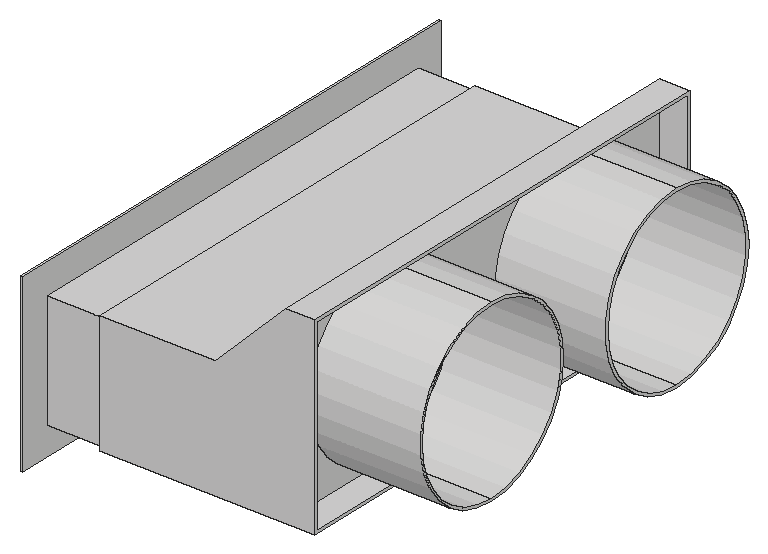
Revit family "CADS_AIRFLOWdev_AirflexPro_Round_StraightWallOutlet_Supply", category Duct Fittings, Revit 2015
Parameters (values of type "CADS_AIRFLOWdev_AirflexPro_Round_StraightWallOutlet_Supply")
  f2 [instance] = Flow - f1  # 0.0 L/s
  f1 [instance] = 0.0 L/s
  WorkingPressure = 3000.0 Pa
  WeeklyMaintenance = "N/A"
  WarrantyStartDate [instance] = "1900-12-31T23:59:163"
  WarrantyPeriod = "0"
  WarrantyIdentifier = "N/A"
  WarrantyGuarantorParts = "info@airflow.com"
  WarrantyGuarantorLabor = "info@airflow.com"
  WarrantyGuarantor = "Airflow Developments Ltd"
  WarrantyEndDate [instance] = "1900-12-31T23:59:163"
  WarrantyContent = "N/A"
  Uniclass2015 = "Pr_30_59_96_92:Ventilation ducts"
  URL = ""
  Type Comments = ""
  TemperatureRange = "up to 40°C"
  TagNumber [instance] = "N/A"
  SustainabilityPerformance = "N/A"
  Status = "New"
  Size = "220-260 x 210 x 88"
  ShippingWeight = 1.08 kg
  Shape = "Rectangular"
  ServiceLifeType = "EXPECTEDSERVICELIFE"
  ServiceLifeDuration = "10"
  SerialNumber [instance] = "N/A"
  SAPApproval = yes
  RunID [instance] = "0"  # constant formula
  ReplacementCost = "87.024"
  Reinforcement = "N/A"
  RedDotDesignAward = no
  QuarterlyMaintenance = "N/A"
  Quantity = 1
  ProductionYear = "2017"
  ProductLiterature = "https://www.airflow.com/pdf/Accessories.pdf#page=3"
  PointOfContact = "Airflow Developments Ltd"
  PassiveHouseApproval = no
  NominalWidth = 210 mm
  NominalLength = 260 mm
  NominalHeight = 88 mm
  NBSCode = "45-80-50/394 Ventilation ducts"
  MonthlyMaintenance = "N/A"
  ModelReference [instance] = "9041143"
  ModelLabel [instance] = "Straight wall-outlet 200 x 50mm For use with  9041175"
  Model = ""
  Material = "Steel"
  ManufacturerWebsite = "www.airflow.com"
  ManufacturerTelephone = "01494 525252"
  ManufacturerE-Mail = "info@airflow.com"
  ManufacturerAddress = "Aidelle House\nLancaster Road\nCressex Business Park\nHigh Wycombe\nBucks\nHP123QP"
  Manufacturer = "Airflow Developments Ltd"
  MaintenanceRequired8001to12000hrs = "N/A"
  MaintenanceRequired601to1000hrs = "N/A"
  MaintenanceRequired4001to8000hrs = "N/A"
  MaintenanceRequired301to600hrs = "N/A"
  MaintenanceRequired2001to4000hrs = "N/A"
  MaintenanceRequired1001to2000hrs = "N/A"
  MaintenanceRequired0to300hrs = "N/A"
  LongitudinalSeam = "None"
  Keynote = ""
  IsExtendedWarranty = no
  InstallationDate [instance] = "1900-12-31T23:59:163"
  ISO90001 = yes
  ISO140001 = yes
  GrossWeight = 0.90 kg
  Grade = "Stainless"
  GlobalTradeItemNumber [instance] = "5019009305776"
  Flow [instance] = 0.0 L/s
  Fitting Type = "Ignore"
  FireControlPanelLinks = no
  Finish = "Lacquer"
  Features = "Straight wall-outlet 200 x 50mm For use with  9041175"
  ExpectedServiceLife = 10
  Exclusions = "N/A"
  DurationUnit = "Year"
  DailyMaintenance = "N/A"
  Constituents = "Straight wall-outlet 200 x 50mm For use with  9041175"
  Color = "Silver"
  CodePerformance = "N/A"
  CEApproval = yes
  CADS_Index = 0
  BespokeTimeFrameMaintenance = "N/A"
  AssetType = "FIXED"
  AssetIdentifier [instance] = "N/A"
  AssemblyPlace = "UNKNOWN"
  ArticleNumber [instance] = "N/A"
  AnnualMaintenance = "N/A"
  AirflowRateRange = 18.0 L/s
  AdjustCheck [instance] = if(AdjustableLength > 100 mm, 100 mm, AdjustableLength)  # 25 mm
  AdjustableLength [instance] = 25 mm
  Body = CADS_AIRFLOWdev_SteelGalvanized
  AccessibilityPerformance = "N/A"
  6MonthlyMaintenance = "Visually inspect system, clean the fan and ducting if necessary"
Types (2, lengths in mm): name | RedDotDesignAward | PassiveHouseApproval | NominalWidth | NominalLength | NominalHeight | IsExtendedWarranty | FireControlPanelLinks
  (no name) | yes | yes | 0 | 0 | 0 | yes | yes
  CADS_AIRFLOWdev_AirflexPro_Round_StraightWallOutlet_Supply | no | no | 210 | 260 | 88 | no | no
Values of the unnamed type that differ from the named types
  WorkingPressure = 0.0 Pa
  WeeklyMaintenance = ""
  WarrantyStartDate = ""
  WarrantyPeriod = ""
  WarrantyIdentifier = ""
  WarrantyGuarantorParts = ""
  WarrantyGuarantorLabor = ""
  WarrantyGuarantor = ""
  WarrantyEndDate = ""
  WarrantyContent = ""
  Uniclass2015 = ""
  TemperatureRange = ""
  TagNumber = ""
  SustainabilityPerformance = ""
  Status = ""
  Size = ""
  ShippingWeight = 0.00 kg
  Shape = ""
  ServiceLifeType = ""
  ServiceLifeDuration = ""
  SerialNumber = ""
  ReplacementCost = ""
  Reinforcement = ""
  QuarterlyMaintenance = ""
  Quantity = 0
  ProductionYear = ""
  ProductLiterature = ""
  PointOfContact = ""
  NBSCode = ""
  MonthlyMaintenance = ""
  ModelReference = ""
  ModelLabel = ""
  Material = ""
  ManufacturerWebsite = ""
  ManufacturerTelephone = ""
  ManufacturerE-Mail = ""
  ManufacturerAddress = ""
  MaintenanceRequired8001to12000hrs = ""
  MaintenanceRequired601to1000hrs = ""
  MaintenanceRequired4001to8000hrs = ""
  MaintenanceRequired301to600hrs = ""
  MaintenanceRequired2001to4000hrs = ""
  MaintenanceRequired1001to2000hrs = ""
  MaintenanceRequired0to300hrs = ""
  LongitudinalSeam = ""
  InstallationDate = ""
  GrossWeight = 0.00 kg
  Grade = ""
  GlobalTradeItemNumber = ""
  Fitting Type = ""
  Finish = ""
  Features = ""
  ExpectedServiceLife = 0
  Exclusions = ""
  DurationUnit = ""
  DailyMaintenance = ""
  Constituents = ""
  Color = ""
  CodePerformance = ""
  BespokeTimeFrameMaintenance = ""
  AssetType = ""
  AssetIdentifier = ""
  AssemblyPlace = ""
  ArticleNumber = ""
  AnnualMaintenance = ""
  AirflowRateRange = 0.0 L/s
  AccessibilityPerformance = ""
  6MonthlyMaintenance = ""
Reference planes
  plane 1 "Center (Front/Back)": y = 0
  plane 2: z = 0
  plane 3 "Center (Left/Right)": x = 1.5
  plane 4: x = 76.5
  plane 5: x = 26.5
  plane 6: x = 106.5
  plane 7: x = 119.2
  plane 8: z = 56.87
  plane 9: z = -26
  plane 10: z = 26
Forms (mm)
  Sweep 1, solid, material "CADS_AIRFLOWdev_SteelGalvanized" <- "Body"
    path origin (1.5, 0, 0) x (0, -1, 0) y (0, 0, -1)
      loop
        line (-100, -25) -> (100, -25) -> (100, 25) -> (-100, 25) -> (-100, -25)
    profile origin (1.5, 0, 25) x (0, 0, -1) y (1, 0, 0)
      loop
        line (-12.7, 0) -> (1, 0) -> (1, 75) -> (0, 75) -> (0, 1.082) -> (-12.7, 1.082) -> (-12.7, 0)
  Extrusion 2, solid, material "CADS_AIRFLOWdev_SteelGalvanized" <- "Body"
    sketch origin (0, 0, 0) x (1, 0, 0) y (0, 0, 1)
      loop
        line (26.5, 26) -> (26.5, -26) -> (119.2, -26) -> (119.2, 56.87) -> (106.5, 56.87) -> (76.5, 26) -> (26.5, 26)
    from -101 to 101
  Extrusion 3, void
    sketch origin (119.2, 0, 56.87) x (0, 0, -1) y (0, 1, 0)
      loop
        line (1, -100) -> (81.87, -100) -> (81.87, 100) -> (1, 100) -> (1, -100)
    from -12.7 to 0
  Extrusion 4, solid, material "CADS_AIRFLOWdev_SteelGalvanized" <- "Body"
    sketch origin (106.5, 0, 56.87) x (0, 0, -1) y (0, 1, 0)
      loop
        circle (41.435, -50) r 37.5
      loop
        circle (41.435, 50) r 37.5
      loop
        circle (41.435, -50) r 38.5
      loop
        circle (41.435, 50) r 38.5
    from 0 to 48
Cuts and joins
  Extrusion 3 cuts Extrusion 2
  joined: Extrusion 2, Extrusion 4
Dimensions and locks
  locked: plane 7 to plane 6 at 12.7
  plane 6 to plane 4 = 30 mm
  locked: plane 4 to plane 5 at 50
  equal spacing: cut or joined group of Extrusion 2, Extrusion 3, Extrusion 4, Extrusion 4 sketch curve, cut or joined group of Extrusion 2, Extrusion 3, Extrusion 4  (x2)
  Extrusion 4 sketch curve to plane 1 "Center (Front/Back)" to Extrusion 4 sketch curve = 50 mm, 50 mm
  "AdjustCheck": plane 3 "Center (Left/Right)" to plane 5
  aligned and locked: level to plane 2
  aligned and locked: plane 4 to Sweep 1 sketch curve
  aligned and locked: Extrusion 2 sketch curve to plane 7
  aligned and locked: Extrusion 2 sketch curve to plane 8
  aligned and locked: plane 9 to Extrusion 2 sketch curve
  aligned and locked: plane 5 to Extrusion 2 sketch curve
Automatic sketch dimensions
  plane 9 to Sweep 1 sketch curve = 1 mm
  Sweep 1 sketch curve to plane 1 "Center (Front/Back)" = 100 mm
  plane 1 "Center (Front/Back)" to Sweep 1 sketch curve = 100 mm
  Sweep 1 sketch curve to plane 10 = 1 mm
  Sweep 1 sketch curve to profile plane = 0 mm  (x2)
  profile plane to Sweep 1 sketch curve = 12.7 mm
  Sweep 1 sketch curve to profile plane = 1 mm
  profile plane to Sweep 1 sketch curve = 1.082 mm
  Extrusion 2 sketch curve to plane 4 = 0 mm
  Extrusion 2 sketch curve to plane 6 = 0 mm
  Extrusion 2 sketch curve to plane 10 = 0 mm
  Extrusion 3 sketch curve to Extrusion 2 = 1 mm
  Extrusion 2 to Extrusion 3 sketch curve = 1 mm  (x3)
  Extrusion 4 sketch curve to Extrusion 4 sketch curve = 0 mm  (x4)
  radius of Extrusion 4 sketch curve = 37.5 mm  (x2)
  radius of Extrusion 4 sketch curve = 38.5 mm  (x2)
Connectors
  hvac at (106.5, 50, 15.435), driven by "f1"
    settings: on cut or joined group of Extrusion 2, Extrusion 3, Extrusion 4, index 1, duct flow 0.0 L/s, flow factor 0, pres drop 0.0 Pa, loss coef 0, conn angle 0.00°, conn width 304.8 mm, conn height 304.8 mm, conn diameter 75 mm, duct sys type 1, conn prof type 0, flow config 0, flow direction 1, loss method 0, conn ref index -1, conn util no, is conn primary no, conn desc ""
  hvac at (106.5, -50, 15.435), driven by "f2"
    settings: on cut or joined group of Extrusion 2, Extrusion 3, Extrusion 4, index 2, duct flow 0.0 L/s, flow factor 0, pres drop 0.0 Pa, loss coef 0, conn angle 0.00°, conn width 304.8 mm, conn height 304.8 mm, conn diameter 75 mm, duct sys type 1, conn prof type 0, flow config 0, flow direction 1, loss method 0, conn ref index -1, conn util no, is conn primary no, conn desc ""
  hvac at (1.5, 0, 0), driven by "Flow"
    settings: on Sweep 1, index 3, duct flow 0.0 L/s, flow factor 0, pres drop 0.0 Pa, loss coef 0, conn angle 0.00°, conn width 204 mm, conn height 60 mm, conn diameter 609.6 mm, duct sys type 1, conn prof type 1, flow config 0, flow direction 2, loss method 0, conn ref index -1, conn util no, is conn primary yes, conn desc ""
